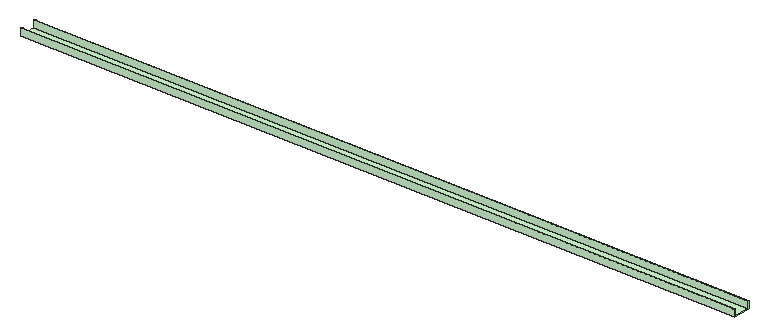
Revit family "SQ-ランナー90", category 機械設備, Revit 2020
Family settings
  丸型コネクタ寸法 = 直径を使用
  種別 = なし
  パーツ タイプ = 標準
  作業面ベース = いいえ
  常に垂直 = はい
  ロード時にボイドで切り取り = いいえ
  共有 = いいえ
  部屋計算ポイント = いいえ
Parameters
  製造元 = "株式会社桐井製作所"
  既定の高さ = 0 mm
  URL = "https://www.kirii.co.jp/"
  K_長さ(mm) [instance] = 4000 mm
  K_材質 = "SGCC　一般用"
  K_外形寸法(mm) = "92×40×40"
  K_品名 = "SQ-ランナー90"
  K_名称 = "角型スタッド用ランナー"
  K_バージョン情報 = "20210524"
  K_めっき付着量 = "Z08"
  K_JIS規格 = "JIS G 3302"
Reference planes
  plane 1 "中心(正面/背面)": y = 0
  plane 2: z = 0
  plane 3 "中心(左/右)": x = 0
  plane 4: x = 4000
  plane 5: y = 46
  plane 6: y = -46
Forms (mm)
  Extrusion 1, solid
    sketch origin (0, 0, 0) x (0, 1, 0) y (0, 0, 1)
      loop
        line (-46, 0) -> (46, 0) -> (46, 40) -> (45.2, 40) -> (45.2, 0.8) -> (-45.2, 0.8) -> (-45.2, 40) -> (-46, 40) -> (-46, 0)
    from 0 to 4000
Dimensions and locks
  "K_長さ(mm)": plane 3 "中心(左/右)" to plane 4
  aligned and locked: level to plane 2
  aligned and locked: plane 4 to Extrusion 1
  aligned and locked: Extrusion 1 to plane 4
Automatic sketch dimensions
  Extrusion 1 sketch curve to level = 0 mm
  Extrusion 1 sketch curve to plane 6 = 0 mm
  Extrusion 1 sketch curve to Extrusion 1 sketch curve = 0.8 mm
  level to Extrusion 1 sketch curve = 0.8 mm
  Extrusion 1 sketch curve to Extrusion 1 sketch curve = 39.2 mm  (x2)
  Extrusion 1 sketch curve to plane 5 = 0 mm
  Extrusion 1 sketch curve to plane 5 = 0.8 mm
